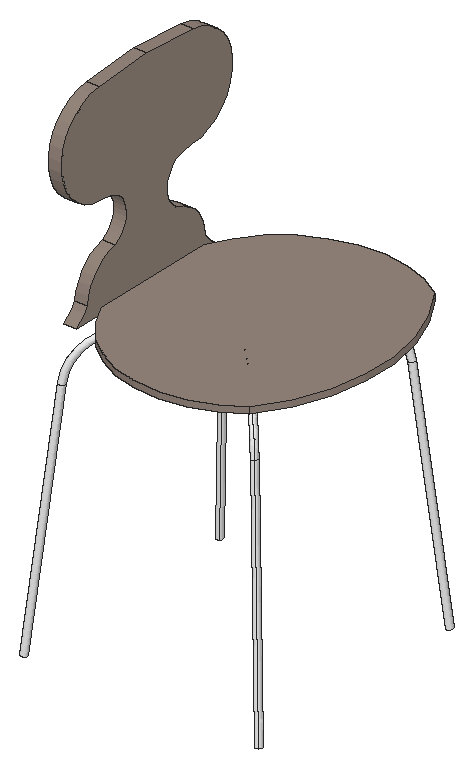
Revit family "Chair 3", category Furniture, Revit 2024
Family settings
  Work Plane-Based = No
  Enable Cutting in Views = No
  Always vertical = Yes
  Cut with Voids When Loaded = No
  Render Appearance Source = Family Geometry
  Shared = No
  Room Calculation Point = No
Parameters
  __Temp [instance] = 0 mm
  Keynote = "12600"
  Manufacturer = ""
  Default Elevation = 0 mm
  Bracket Material = Herman Miller - Finish 47 Trivalent Chrome
  Model = ""
  Cushion/Chair Back Material = Herman Miller - Veneer Z5 Maple
  BG_DIM_Width2 [instance] = 0 mm
  BG_DIM_Depth1 [instance] = 0 mm
Reference planes
  plane 1 "Center F/B": y = -198.997
  plane 2: z = 0
  plane 3 "Center L/R": x = -1.022
Forms (mm)
  Sweep 1, solid, material "Herman Miller - Finish 47 Trivalent Chrome" <- "Bracket Material"
    path origin (61.052, -65.204, 45) x (0, 0, -1) y (0.707107, -0.707107, 0)
      loop
        line (45, -82.843) -> (-332.364, -36.508)
        arc (-332.364, -36.508) -> (-382.531, -10.114) -> (-402.615, 42.895) r 80
        line (-402.615, 42.895) -> (-402.615, 181.322)
    profile origin (18.855, -23.007, 188.682) x (-0.701836, 0.701836, 0.121869) y (-0.707107, -0.707107, 0)
      loop
        circle (0, 0) r 5
  Sweep 2, solid, material "Herman Miller - Finish 47 Trivalent Chrome" <- "Bracket Material"
    path origin (57.516, -325.168, 45) x (0, 0, -1) y (0.707107, 0.707107, 0)
      loop
        line (45, -82.843) -> (-332.364, -36.508)
        arc (-332.364, -36.508) -> (-382.531, -10.114) -> (-402.615, 42.895) r 80
        line (-402.615, 42.895) -> (-402.615, 181.322)
    profile origin (15.319, -367.364, 188.682) x (-0.701836, -0.701836, 0.121869) y (0.707107, -0.707107, 0)
      loop
        circle (0, 0) r 5
  Sweep 3, solid, material "Herman Miller - Finish 47 Trivalent Chrome" <- "Bracket Material"
    path origin (303.338, -65.204, 45) x (0, 0, -1) y (0.707107, 0.707107, 0)
      loop
        line (45, 82.843) -> (-332.364, 36.508)
        arc (-332.364, 36.508) -> (-382.531, 10.114) -> (-402.615, -42.895) r 80
        line (-402.615, -42.895) -> (-402.615, -181.322)
    profile origin (345.535, -23.007, 188.682) x (0.701836, 0.701836, 0.121869) y (-0.707107, 0.707107, 0)
      loop
        circle (0, 0) r 5
  Sweep 4, solid, material "Herman Miller - Finish 47 Trivalent Chrome" <- "Bracket Material"
    path origin (306.873, -325.168, 45) x (0, 0, -1) y (0.707107, -0.707107, 0)
      loop
        line (45, 82.843) -> (-332.364, 36.508)
        arc (-332.364, 36.508) -> (-382.531, 10.114) -> (-402.615, -42.895) r 80
        line (-402.615, -42.895) -> (-402.615, -181.322)
    profile origin (349.07, -367.364, 188.682) x (0.701836, -0.701836, 0.121869) y (0.707107, 0.707107, 0)
      loop
        circle (0, 0) r 5
  Extrusion 5, solid, material "Herman Miller - Veneer Z5 Maple" <- "Cushion/Chair Back Material"
    sketch origin (0, 0, 0) x (1, 0, 0) y (0, 1, 0)
      loop
        arc (340, -9.099) -> (152.776, 17.913) -> (32.728, -128.274) r 192.616
        line (32.728, -128.274) -> (32.728, -249.923)
        arc (32.728, -249.923) -> (152.776, -396.11) -> (340, -369.099) r 192.616
        arc (340, -369.099) -> (400.673, -189.099) -> (340, -9.099) r 297.34
    from 450 to 460
  Extrusion 6, solid, material "Herman Miller - Veneer Z5 Maple" <- "Cushion/Chair Back Material"
    sketch origin (390, -409.099, -27.081) x (0, 0, -1) y (0, 1, 0)
      loop
        arc (-498.809, 95.839) -> (-486.21, 86.065) -> (-477.081, 72.99) r 53.087
        line (-477.081, 72.99) -> (-477.081, 347.212)
        arc (-477.081, 347.212) -> (-486.21, 334.138) -> (-498.809, 324.364) r 53.087
        arc (-498.809, 324.364) -> (-539.073, 308.301) -> (-561.143, 270.989) r 67.175
        arc (-561.143, 270.989) -> (-601.737, 249.17) -> (-634.197, 281.887) r 38.521
        line (-634.197, 281.887) -> (-636.604, 298.938)
        arc (-636.604, 298.938) -> (-714.694, 376.726) -> (-796.127, 302.444) r 79.872
        line (-796.127, 302.444) -> (-802.584, 210.101) -> (-796.127, 117.759)
        arc (-796.127, 117.759) -> (-714.694, 43.477) -> (-636.604, 121.265) r 79.872
        line (-636.604, 121.265) -> (-634.197, 138.316)
        arc (-634.197, 138.316) -> (-601.737, 171.033) -> (-561.143, 149.213) r 38.521
        arc (-561.143, 149.213) -> (-539.073, 111.901) -> (-498.809, 95.839) r 67.175
    from -367.272 to -347.272
Dimensions and locks
  aligned and locked: plane 1 "Center F/B" to Extrusion 6
